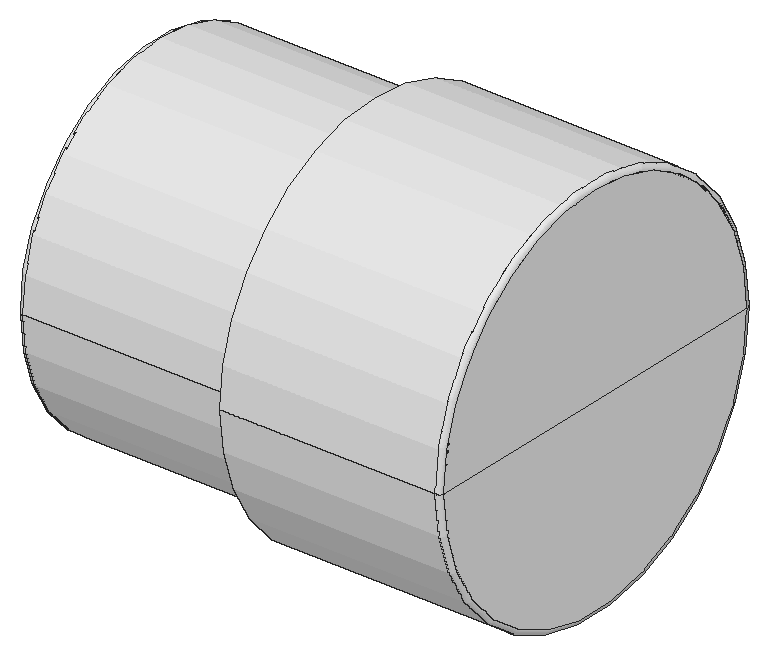
Revit family "BIMLIB_Муфта_комбинированная_ВР", category Соединительные детали трубопроводов, Revit 2017
Family settings
  Размер круглого соединителя = Использовать диаметр
  Тип детали = Соединение
  На основе рабочей плоскости = Нет
  Всегда вертикально = Да
  При загрузке вырезать с полостями = Нет
  Общий = Нет
Parameters (values of type "Муфта комбинированная ВР")
  Описание = "Муфта комбинированная наружная резьба"  # constant formula
  K Coefficient = 0.7  # constant formula
  Изготовитель = "РОСТерм"  # constant formula
  URL = "http://rostherm.ru/"
  РТ_L [instance] = size_lookup("Муфта комбинированная ВР", "РТ_L", 0 mm, РТ_DN, РТ_GN)  # 43 mm
  РТ_GN [instance] = 15 mm
  РТ_D_нар [instance] = РТ_DN * 1.35  # 33.75 mm
  РТ_DN [instance] = 25 mm
  РТ_D [instance] = size_lookup("Муфта комбинированная ВР", "РТ_D", 0 mm, РТ_DN, РТ_GN)  # 38 mm
  BL_Разработано = "support@bimlib.ru"  # constant formula
  BL_Email = "rostherm@bimlib.ru"  # constant formula
  BL_BIM library = "https://bimlib.pro/manufacturer/rosterm/1632/"
  ADSK_Примечание = ""
  ADSK_Позиция [instance] = ""
  ADSK_Обозначение = "ГОСТ 32415-2013"  # constant formula
  ADSK_Наименование краткое [instance] = size_lookup("КРнаим", "", "", РТ_DN, РТ_GN)  # "Муфта комбинированная ВР 25-1/2\""
  ADSK_Наименование [instance] = size_lookup("Муфта комбинированная ВР", "", "", РТ_DN, РТ_GN)  # "Муфта комбинированная внутренняя резьба 25-1/2\""
  ADSK_Материал = BIMLIM_Белый_РТ
  ADSK_Масса_Текст = ""
  ADSK_Масса = 0
  ADSK_Марка [instance] = size_lookup("марка", "", "", РТ_DN, РТ_GN)  # "ВР 25-1/2\""
  ADSK_Код изделия [instance] = size_lookup("код", "", "", РТ_DN, РТ_GN)  # "MF25-12"
  ADSK_Завод-изготовитель = "РОСТерм"  # constant formula
  ADSK_Единица измерения = "шт"  # constant formula
  ADSK_Версия Revit = "2017"  # constant formula
  ADSK_URL страницы изделия = "http://rostherm.ru/truby-i-fitingi-iz-polipropilena-pprt/"
  ADSK_URL документации изделия = "http://rostherm.ru/"
Reference planes
  plane 1 "По центру (Вперед/Назад)": y = 0
  plane 2: z = 0
  plane 3 "По центру (Влево/Вправо)": x = 0
  plane 4: x = -21.5
  plane 5: x = 21.5
  plane 6: y = 19
  plane 7: y = -19
  plane 8: y = 16.875
  plane 9: y = -16.875
Forms (mm)
  Revolve 1, solid, material "BIMLIM_Белый_РТ", detail levels medium+fine
    sketch origin (0, 0, 0) x (1, 0, 0) y (0, 1, 0)
      loop
        line (0, 19) -> (0, 0) -> (21.5, 0) -> (21.5, 18.5)
        arc (21.5, 18.5) -> (21.354, 18.854) -> (21, 19) r 0.5
        line (21, 19) -> (0, 19)
      axis (0, 0) -> (21.5, 0)
    angle from 0 to 360
  Revolve 2, solid, material "BIMLIM_Белый_РТ", detail levels medium+fine
    sketch origin (0, 0, 0) x (1, 0, 0) y (0, 1, 0)
      loop
        arc (-21, 16.875) -> (-21.354, 16.729) -> (-21.5, 16.375) r 0.5
        line (-21.5, 16.375) -> (-21.5, 0) -> (0, 0) -> (0, 16.875) -> (-21, 16.875)
      axis (-21.5, 0) -> (0, 0)
    angle from 0 to 360
Lines and regions (mm)
  reference lines
    curve 1: line (-21.5, 0, 0) -> (21.5, 0, 0)
Dimensions and locks
  equal spacing: plane 4, plane 3 "По центру (Влево/Вправо)", plane 5
  equal spacing: plane 6, plane 1 "По центру (Вперед/Назад)", plane 7
  "РТ_D": plane 6 to plane 7
  equal spacing: plane 8, plane 1 "По центру (Вперед/Назад)", plane 9
  "РТ_D_нар": plane 8 to plane 9
  "РТ_L": plane 4 to plane 5
  radius of Revolve 1 sketch curve = 0.5 mm
  radius of Revolve 2 sketch curve = 0.5 mm
  aligned and locked: level to plane 2
  aligned and locked: Revolve 1 sketch curve to plane 6
  aligned and locked: plane 3 "По центру (Влево/Вправо)" to Revolve 1 sketch curve
  aligned and locked: Revolve 1 sketch curve to plane 1 "По центру (Вперед/Назад)"
  aligned and locked: Revolve 1 sketch curve to plane 5
  aligned and locked: Revolve 1 sketch curve to Revolve 1 sketch curve  (x2)
  aligned and locked: Revolve 2 sketch curve to plane 8
  aligned and locked: plane 4 to Revolve 2 sketch curve
  aligned and locked: Revolve 2 sketch curve to plane 1 "По центру (Вперед/Назад)"
  aligned and locked: Revolve 1 to Revolve 2 sketch curve
  aligned and locked: Revolve 2 sketch curve to Revolve 2 sketch curve  (x2)
  aligned and locked: plane 1 "По центру (Вперед/Назад)" to nested 1
  aligned and locked: plane 3 "По центру (Влево/Вправо)" to nested 1
  aligned and locked: plane 4 to nested 1
  aligned and locked: plane 5 to nested 1
  aligned and locked: plane 4 to curve 1
  aligned and locked: plane 5 to curve 1
  aligned and locked: plane 1 "По центру (Вперед/Назад)" to curve 1
Automatic sketch dimensions
  Revolve 1 sketch curve to Revolve 1 sketch curve = 7.469 mm
  Revolve 2 sketch curve to plane 3 "По центру (Влево/Вправо)" = 0 mm
  Revolve 2 sketch curve to Revolve 2 sketch curve = 0 mm
Nested families
  nested 1: "УГО_Переходник" at (0, 0, 0), Высота_ном <- "РТ_D", type "УГО_Переходник", detail levels coarse+medium
    with УГО no, Переключатель УГО yes, Длина_ном 21.5 mm, Длина ном1 21.5 mm, Высота_ном 38 mm
Connectors
  piping at (-21.5, 0, 0), diameter 25, driven by "РТ_DN"
    settings: on curve 1, index 1, connector inside diameter 609.6 mm, connector length 0 mm, flow factor 0, pipe flow 0.0 L/s, pressure drop 0.0 Pa, fitting loss kfactor 0, connector angle 0.00°, fixture units 0, engagement length 0 mm, angle of deflection 0.00°, flow configuration 0, flow direction 0, fitting loss method 4, system type 28, joint type 0, gender type 0, connector reference index 2, connector utility 0, adjustable connector yes, is connector primary yes, connector description ""
  piping at (21.5, 0, 0), diameter 15, driven by "РТ_GN"
    settings: on curve 1, index 2, connector inside diameter 609.6 mm, connector length 0 mm, flow factor 0, pipe flow 0.0 L/s, pressure drop 0.0 Pa, fitting loss kfactor 0, connector angle 0.00°, fixture units 0, engagement length 0 mm, angle of deflection 0.00°, flow configuration 0, flow direction 0, fitting loss method 4, system type 28, joint type 0, gender type 0, connector reference index 1, connector utility 0, adjustable connector yes, is connector primary no, connector description ""
Definition of nested family "УГО_Переходник"
  Parameters (values of type "УГО_Переходник")
    УГО [instance] = not(Переключатель УГО)  # yes
    Переключатель УГО [instance] = no
    Длина_ном [instance] = 70 mm
    Длина ном1 [instance] = 70 mm
    Высота_ном [instance] = 40 mm
  Reference planes
    plane 1 "По центру (Вперед/Назад)": y = 0
    plane 2: z = 0
    plane 3 "По центру (Влево/Вправо)": x = 0
    plane 4: z = 20
    plane 5: z = -20
    plane 6: x = -70
    plane 7: x = 70
    plane 8: y = 20
    plane 9: y = -20
  Lines and regions (mm)
    model lines, visible <- "Переключатель УГО", detail levels coarse+medium
      curve 1: line (-70, 0, 20) -> (-70, 0, -20)
      curve 8: line (-70, 0, -20) -> (70, 0, 0)
      curve 9: line (-70, 0, 20) -> (70, 0, 0)
    symbolic lines, detail levels coarse+medium
      curve 2: line (-70, -20, 0) -> (-70, 20, 0)
      curve 6: line (-70, 20, 0) -> (70, 0, 0)
      curve 7: line (-70, -20, 0) -> (70, 0, 0)
    model lines, visible <- "УГО", detail levels coarse+medium
      curve 3: line (-70, -20, 0) -> (-70, 20, 0)
      curve 4: line (-70, 20, 0) -> (70, 0, 0)
      curve 5: line (-70, -20, 0) -> (70, 0, 0)
  Dimensions and locks
    equal spacing: plane 4, plane 2, plane 5
    "Высота_ном": plane 4 to plane 5
    equal spacing: plane 8, plane 1 "По центру (Вперед/Назад)", plane 9
    "Высота_ном": plane 8 to plane 9
    "Длина_ном": plane 3 "По центру (Влево/Вправо)" to plane 7
    "Длина ном1": plane 6 to plane 3 "По центру (Влево/Вправо)"
    aligned and locked: level to plane 2
    aligned and locked: plane 9 to curve 5
    aligned and locked: plane 1 "По центру (Вперед/Назад)" to curve 5
    aligned and locked: plane 8 to curve 6
    aligned and locked: plane 6 to curve 6
    aligned and locked: plane 4 to curve 9
    aligned and locked: plane 7 to curve 9
    aligned and locked: plane 7 to curve 5
    aligned and locked: plane 7 to curve 4
    aligned and locked: plane 6 to curve 1
    aligned and locked: plane 6 to curve 9
    aligned and locked: plane 5 to curve 1
  Automatic sketch dimensions
    curve 8 to level = 0 mm
    curve 6 to plane 7 = 0 mm
